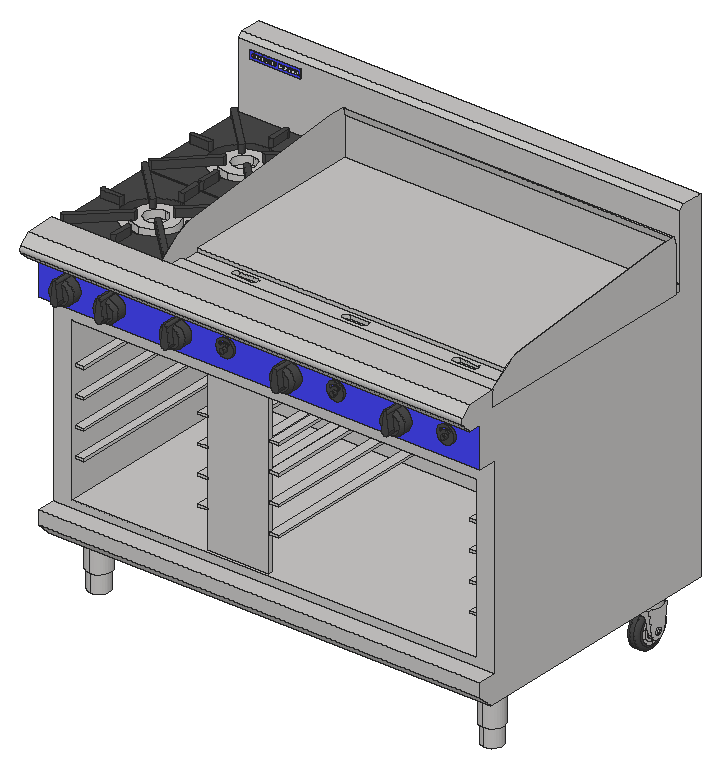
Revit family "QF_MOFFAT_BLUESEAL_CE_G518A-CB", category Specialty Equipment, Revit 2012 (continued)
Definition of nested family "GAS BURNER 300 & GRIDDLE 900"
  Nested families
    nested 1: "GAS BURNER 300 & GRIDDLE 600" at (-1, 0, 0), type "GAS BURNER 300 & GRIDDLE 600"
      with Width 300.0 mm, Type Mark "", Status "", Specification by User "", Revision Code "", Item Number "", Installed By "", Identify Quantity as Lot yes, Furnished By "", Foodservice Equipment Identifier yes, Depth 635.0 mm
    nested 2: "GAS GRIDDLE PLATE 900" at (300, -15, 0), type "GAS GRIDDLE PLATE 900"
      with Width 900.0 mm, Type Mark "", Status "", Specification by User "", Revision Code "", Item Number "", Installed By "", Identify Quantity as Lot yes, Furnished By "", Foodservice Equipment Identifier yes, Depth 620.0 mm
  Definition of nested family "GAS BURNER 300 & GRIDDLE 600"
    Parameters (values of type "GAS BURNER 300 & GRIDDLE 600")
      Width [instance] = 300.0 mm
      Weight in Pounds = 0
      URL Cutsheet = ""
      Type Mark [instance] = ""
      Status [instance] = ""
      Specification by User [instance] = ""
      Specification by Manufacturer = ""
      Serial Number = ""
      Seismic Rating = ""
      SMACNA No = ""
      Revision Code [instance] = ""
      Omniclass Number and Title = ""
      NAFEM Spec ID Number = ""
      Masterspec = ""
      Item Number [instance] = ""
      Installed By [instance] = ""
      Identify Quantity as Lot [instance] = yes
      Furnished By [instance] = ""
      Foodservice Equipment Identifier [instance] = yes
      Depth [instance] = 635.0 mm
      CSI MasterFormat = ""
      CSI Master Format = ""
    Reference planes
      plane 1 "BACK": y = 0
      plane 2: z = 0
      plane 3 "LEFT": x = 0
      plane 4 "RIGHT": x = 300
      plane 5 "FRONT": y = -635
      plane 6 "TOP": z = 142.5
      plane 7 "Center Y": x = 150
      plane 8 "Center X": y = -317.5
    Forms (mm)
      Extrusion 1, solid, material "QF_Finishes_Black"
        sketch origin (0, 0, 0) x (0, -1, 0) y (1, 0, 0)
          loop
            line (318.5, 4) -> (318.5, 296)
            arc (318.5, 296) -> (317.621, 298.121) -> (315.5, 299) r 3
            line (315.5, 299) -> (3, 299)
            arc (3, 299) -> (0.879, 298.121) -> (0, 296) r 3
            line (0, 296) -> (0, 4)
            arc (0, 4) -> (0.879, 1.879) -> (3, 1) r 3
            line (3, 1) -> (315.5, 1)
            arc (315.5, 1) -> (317.621, 1.879) -> (318.5, 4) r 3
          loop
            line (324.5, 1) -> (632, 1)
            arc (632, 1) -> (634.121, 1.879) -> (635, 4) r 3
            line (635, 4) -> (635, 296)
            arc (635, 296) -> (634.121, 298.121) -> (632, 299) r 3
            line (632, 299) -> (324.5, 299)
            arc (324.5, 299) -> (322.379, 298.121) -> (321.5, 296) r 3
            line (321.5, 296) -> (321.5, 4)
            arc (321.5, 4) -> (322.379, 1.879) -> (324.5, 1) r 3
          loop
            circle (168.5, 149.991) r 84.082
          loop
            circle (468.5, 149.991) r 84.082
        from 0 to 19.5
      Extrusion 2, solid, material "QF_Finishes_Black"
        sketch origin (0, 0, 19.5) x (0, -1, 0) y (1, 0, 0)
          loop
            spline (326.102, 15.153) -> (325.181, 13.924) -> (324.631, 12.47) -> (324.49, 10.89) -> (324.767, 9.292) -> (325.443, 7.786) -> (326.473, 6.473) -> (327.786, 5.443) -> (329.292, 4.767) -> (330.89, 4.49) -> (332.47, 4.631) -> (333.924, 5.181) -> (335.153, 6.102)
            line (335.153, 6.102) -> (443.076, 114.025)
            spline (443.076, 114.025) -> (443.837, 115.095) -> (444.238, 116.399) -> (444.251, 117.851) -> (443.875, 119.35) -> (443.137, 120.795) -> (442.086, 122.086) -> (440.795, 123.137) -> (439.35, 123.875) -> (437.851, 124.251) -> (436.399, 124.238) -> (435.095, 123.837) -> (434.025, 123.076)
            line (434.025, 123.076) -> (326.102, 15.153)
          loop
            spline (328.898, 156.4) -> (327.604, 156.182) -> (326.398, 155.543) -> (325.362, 154.525) -> (324.568, 153.2) -> (324.068, 151.656) -> (323.898, 150) -> (324.068, 148.344) -> (324.568, 146.8) -> (325.362, 145.475) -> (326.398, 144.457) -> (327.604, 143.818) -> (328.898, 143.6)
            line (328.898, 143.6) -> (378.102, 143.6)
            spline (378.102, 143.6) -> (379.396, 143.818) -> (380.602, 144.457) -> (381.638, 145.475) -> (382.432, 146.8) -> (382.932, 148.344) -> (383.102, 150) -> (382.932, 151.656) -> (382.432, 153.2) -> (381.638, 154.525) -> (380.602, 155.543) -> (379.396, 156.182) -> (378.102, 156.4)
            line (378.102, 156.4) -> (328.898, 156.4)
          loop
            spline (335.153, 293.898) -> (334.084, 294.659) -> (332.779, 295.059) -> (331.328, 295.072) -> (329.829, 294.697) -> (328.384, 293.959) -> (327.092, 292.908) -> (326.041, 291.616) -> (325.303, 290.171) -> (324.928, 288.672) -> (324.941, 287.221) -> (325.341, 285.916) -> (326.102, 284.847)
            line (326.102, 284.847) -> (434.025, 176.924)
            spline (434.025, 176.924) -> (435.095, 176.163) -> (436.399, 175.762) -> (437.851, 175.749) -> (439.35, 176.125) -> (440.795, 176.863) -> (442.086, 177.914) -> (443.137, 179.205) -> (443.875, 180.65) -> (444.251, 182.149) -> (444.238, 183.601) -> (443.837, 184.905) -> (443.076, 185.975)
            line (443.076, 185.975) -> (335.153, 293.898)
          loop
            line (463.6, 291.102) -> (463.6, 241.898)
            spline (463.6, 241.898) -> (463.818, 240.604) -> (464.457, 239.398) -> (465.475, 238.362) -> (466.8, 237.568) -> (468.344, 237.068) -> (470, 236.898) -> (471.656, 237.068) -> (473.2, 237.568) -> (474.525, 238.362) -> (475.543, 239.398) -> (476.182, 240.604) -> (476.4, 241.898)
            line (476.4, 241.898) -> (476.4, 291.102)
            spline (476.4, 291.102) -> (476.182, 292.396) -> (475.543, 293.602) -> (474.525, 294.638) -> (473.2, 295.432) -> (471.656, 295.932) -> (470, 296.102) -> (468.344, 295.932) -> (466.8, 295.432) -> (465.475, 294.638) -> (464.457, 293.602) -> (463.818, 292.396) -> (463.6, 291.102)
          loop
            spline (612.398, 284.847) -> (613.159, 285.916) -> (613.559, 287.221) -> (613.572, 288.672) -> (613.197, 290.171) -> (612.459, 291.616) -> (611.408, 292.908) -> (610.116, 293.959) -> (608.671, 294.697) -> (607.172, 295.072) -> (605.721, 295.059) -> (604.416, 294.659) -> (603.347, 293.898)
            line (603.347, 293.898) -> (496.924, 185.975)
            spline (496.924, 185.975) -> (496.163, 184.905) -> (495.762, 183.601) -> (495.749, 182.149) -> (496.125, 180.65) -> (496.863, 179.205) -> (497.914, 177.914) -> (499.205, 176.863) -> (500.65, 176.125) -> (502.149, 175.749) -> (503.601, 175.762) -> (504.905, 176.163) -> (505.975, 176.924)
            line (505.975, 176.924) -> (612.398, 284.847)
          loop
            spline (609.602, 143.6) -> (610.896, 143.818) -> (612.102, 144.457) -> (613.138, 145.475) -> (613.932, 146.8) -> (614.432, 148.344) -> (614.602, 150) -> (614.432, 151.656) -> (613.932, 153.2) -> (613.138, 154.525) -> (612.102, 155.543) -> (610.896, 156.182) -> (609.602, 156.4)
            line (609.602, 156.4) -> (561.898, 156.4)
            spline (561.898, 156.4) -> (560.604, 156.182) -> (559.398, 155.543) -> (558.362, 154.525) -> (557.568, 153.2) -> (557.068, 151.656) -> (556.898, 150) -> (557.068, 148.344) -> (557.568, 146.8) -> (558.362, 145.475) -> (559.398, 144.457) -> (560.604, 143.818) -> (561.898, 143.6)
            line (561.898, 143.6) -> (609.602, 143.6)
          loop
            line (612.398, 15.153) -> (505.975, 123.076)
            spline (505.975, 123.076) -> (504.905, 123.837) -> (503.601, 124.238) -> (502.149, 124.251) -> (500.65, 123.875) -> (499.205, 123.137) -> (497.914, 122.086) -> (496.863, 120.795) -> (496.125, 119.35) -> (495.749, 117.851) -> (495.762, 116.399) -> (496.163, 115.095) -> (496.924, 114.025)
            line (496.924, 114.025) -> (603.347, 6.102)
            spline (603.347, 6.102) -> (604.416, 5.341) -> (605.721, 4.941) -> (607.172, 4.928) -> (608.671, 5.303) -> (610.116, 6.041) -> (611.408, 7.092) -> (612.459, 8.384) -> (613.197, 9.829) -> (613.572, 11.328) -> (613.559, 12.779) -> (613.159, 14.084) -> (612.398, 15.153)
          loop
            line (476.4, 8.898) -> (476.4, 58.102)
            spline (476.4, 58.102) -> (476.182, 59.396) -> (475.543, 60.602) -> (474.525, 61.638) -> (473.2, 62.432) -> (471.656, 62.932) -> (470, 63.102) -> (468.344, 62.932) -> (466.8, 62.432) -> (465.475, 61.638) -> (464.457, 60.602) -> (463.818, 59.396) -> (463.6, 58.102)
            line (463.6, 58.102) -> (463.6, 8.898)
            spline (463.6, 8.898) -> (463.818, 7.604) -> (464.457, 6.398) -> (465.475, 5.362) -> (466.8, 4.568) -> (468.344, 4.068) -> (470, 3.898) -> (471.656, 4.068) -> (473.2, 4.568) -> (474.525, 5.362) -> (475.543, 6.398) -> (476.182, 7.604) -> (476.4, 8.898)
          loop
            spline (22.602, 15.153) -> (21.681, 13.924) -> (21.131, 12.47) -> (20.99, 10.89) -> (21.267, 9.292) -> (21.943, 7.786) -> (22.973, 6.473) -> (24.286, 5.443) -> (25.792, 4.767) -> (27.39, 4.49) -> (28.97, 4.631) -> (30.424, 5.181) -> (31.653, 6.102)
            line (31.653, 6.102) -> (139.576, 114.025)
            spline (139.576, 114.025) -> (140.337, 115.095) -> (140.738, 116.399) -> (140.751, 117.851) -> (140.375, 119.35) -> (139.637, 120.795) -> (138.586, 122.086) -> (137.295, 123.137) -> (135.85, 123.875) -> (134.351, 124.251) -> (132.899, 124.238) -> (131.595, 123.837) -> (130.525, 123.076)
            line (130.525, 123.076) -> (22.602, 15.153)
          loop
            spline (25.398, 156.4) -> (24.104, 156.182) -> (22.898, 155.543) -> (21.862, 154.525) -> (21.068, 153.2) -> (20.568, 151.656) -> (20.398, 150) -> (20.568, 148.344) -> (21.068, 146.8) -> (21.862, 145.475) -> (22.898, 144.457) -> (24.104, 143.818) -> (25.398, 143.6)
            line (25.398, 143.6) -> (74.602, 143.6)
            spline (74.602, 143.6) -> (75.896, 143.818) -> (77.102, 144.457) -> (78.138, 145.475) -> (78.932, 146.8) -> (79.432, 148.344) -> (79.602, 150) -> (79.432, 151.656) -> (78.932, 153.2) -> (78.138, 154.525) -> (77.102, 155.543) -> (75.896, 156.182) -> (74.602, 156.4)
            line (74.602, 156.4) -> (25.398, 156.4)
          loop
            spline (31.653, 293.898) -> (30.584, 294.659) -> (29.279, 295.059) -> (27.828, 295.072) -> (26.329, 294.697) -> (24.884, 293.959) -> (23.592, 292.908) -> (22.541, 291.616) -> (21.803, 290.171) -> (21.428, 288.672) -> (21.441, 287.221) -> (21.841, 285.916) -> (22.602, 284.847)
            line (22.602, 284.847) -> (130.525, 176.924)
            spline (130.525, 176.924) -> (131.595, 176.163) -> (132.899, 175.762) -> (134.351, 175.749) -> (135.85, 176.125) -> (137.295, 176.863) -> (138.586, 177.914) -> (139.637, 179.205) -> (140.375, 180.65) -> (140.751, 182.149) -> (140.738, 183.601) -> (140.337, 184.905) -> (139.576, 185.975)
            line (139.576, 185.975) -> (31.653, 293.898)
          loop
            line (160.1, 291.102) -> (160.1, 241.898)
            spline (160.1, 241.898) -> (160.318, 240.604) -> (160.957, 239.398) -> (161.975, 238.362) -> (163.3, 237.568) -> (164.844, 237.068) -> (166.5, 236.898) -> (168.156, 237.068) -> (169.7, 237.568) -> (171.025, 238.362) -> (172.043, 239.398) -> (172.682, 240.604) -> (172.9, 241.898)
            line (172.9, 241.898) -> (172.9, 291.102)
            spline (172.9, 291.102) -> (172.682, 292.396) -> (172.043, 293.602) -> (171.025, 294.638) -> (169.7, 295.432) -> (168.156, 295.932) -> (166.5, 296.102) -> (164.844, 295.932) -> (163.3, 295.432) -> (161.975, 294.638) -> (160.957, 293.602) -> (160.318, 292.396) -> (160.1, 291.102)
          loop
            spline (313.898, 284.847) -> (314.659, 285.916) -> (315.059, 287.221) -> (315.072, 288.672) -> (314.697, 290.171) -> (313.959, 291.616) -> (312.908, 292.908) -> (311.616, 293.959) -> (310.171, 294.697) -> (308.672, 295.072) -> (307.221, 295.059) -> (305.916, 294.659) -> (304.847, 293.898)
            line (304.847, 293.898) -> (193.424, 185.975)
            spline (193.424, 185.975) -> (192.663, 184.905) -> (192.262, 183.601) -> (192.249, 182.149) -> (192.625, 180.65) -> (193.363, 179.205) -> (194.414, 177.914) -> (195.705, 176.863) -> (197.15, 176.125) -> (198.649, 175.749) -> (200.101, 175.762) -> (201.405, 176.163) -> (202.475, 176.924)
            line (202.475, 176.924) -> (313.898, 284.847)
          loop
            spline (311.102, 143.6) -> (312.396, 143.818) -> (313.602, 144.457) -> (314.638, 145.475) -> (315.432, 146.8) -> (315.932, 148.344) -> (316.102, 150) -> (315.932, 151.656) -> (315.432, 153.2) -> (314.638, 154.525) -> (313.602, 155.543) -> (312.396, 156.182) -> (311.102, 156.4)
            line (311.102, 156.4) -> (261.898, 156.4)
            spline (261.898, 156.4) -> (260.604, 156.182) -> (259.398, 155.543) -> (258.362, 154.525) -> (257.568, 153.2) -> (257.068, 151.656) -> (256.898, 150) -> (257.068, 148.344) -> (257.568, 146.8) -> (258.362, 145.475) -> (259.398, 144.457) -> (260.604, 143.818) -> (261.898, 143.6)
            line (261.898, 143.6) -> (311.102, 143.6)
          loop
            line (313.898, 15.153) -> (202.475, 123.076)
            spline (202.475, 123.076) -> (201.405, 123.837) -> (200.101, 124.238) -> (198.649, 124.251) -> (197.15, 123.875) -> (195.705, 123.137) -> (194.414, 122.086) -> (193.363, 120.795) -> (192.625, 119.35) -> (192.249, 117.851) -> (192.262, 116.399) -> (192.663, 115.095) -> (193.424, 114.025)
            line (193.424, 114.025) -> (304.847, 6.102)
            spline (304.847, 6.102) -> (305.916, 5.341) -> (307.221, 4.941) -> (308.672, 4.928) -> (310.171, 5.303) -> (311.616, 6.041) -> (312.908, 7.092) -> (313.959, 8.384) -> (314.697, 9.829) -> (315.072, 11.328) -> (315.059, 12.779) -> (314.659, 14.084) -> (313.898, 15.153)
          loop
            line (172.9, 8.898) -> (172.9, 58.102)
            spline (172.9, 58.102) -> (172.682, 59.396) -> (172.043, 60.602) -> (171.025, 61.638) -> (169.7, 62.432) -> (168.156, 62.932) -> (166.5, 63.102) -> (164.844, 62.932) -> (163.3, 62.432) -> (161.975, 61.638) -> (160.957, 60.602) -> (160.318, 59.396) -> (160.1, 58.102)
            line (160.1, 58.102) -> (160.1, 8.898)
            spline (160.1, 8.898) -> (160.318, 7.604) -> (160.957, 6.398) -> (161.975, 5.362) -> (163.3, 4.568) -> (164.844, 4.068) -> (166.5, 3.898) -> (168.156, 4.068) -> (169.7, 4.568) -> (171.025, 5.362) -> (172.043, 6.398) -> (172.682, 7.604) -> (172.9, 8.898)
        from 0 to 20.5
      Extrusion 3, solid, material "QF_Finishes_Stainless Steel"
        sketch origin (0, -15.098, 0) x (0, -1, 0) y (1, 0, 0)
          loop
            circle (151.402, 150) r 57
          loop
            circle (451.402, 150) r 57
          loop
            circle (151.402, 150) r 30
          loop
            circle (451.402, 150) r 30
        from 0 to 20
    Lines and regions (mm)
      symbolic lines
        curve 1: line (284.847, -22.602, 0) -> (176.924, -130.525, 0)
        curve 2: spline (176.924, -130.525, 0) -> (176.163, -131.595, 0) -> (175.762, -132.899, 0) -> (175.749, -134.351, 0) -> (176.125, -135.85, 0) -> (176.863, -137.295, 0) -> (177.914, -138.586, 0) -> (179.205, -139.637, 0) -> (180.65, -140.375, 0) -> (182.149, -140.751, 0) -> (183.601, -140.738, 0) -> (184.905, -140.337, 0) -> (185.975, -139.576, 0)
        curve 3: line (185.975, -139.576, 0) -> (293.898, -31.653, 0)
        curve 4: spline (293.898, -31.653, 0) -> (294.659, -30.584, 0) -> (295.059, -29.279, 0) -> (295.072, -27.828, 0) -> (294.697, -26.329, 0) -> (293.959, -24.884, 0) -> (292.908, -23.592, 0) -> (291.616, -22.541, 0) -> (290.171, -21.803, 0) -> (288.672, -21.428, 0) -> (287.221, -21.441, 0) -> (285.916, -21.841, 0) -> (284.847, -22.602, 0)
        curve 5: line (291.102, -160.1, 0) -> (241.898, -160.1, 0)
        curve 6: spline (241.898, -160.1, 0) -> (240.604, -160.318, 0) -> (239.398, -160.957, 0) -> (238.362, -161.975, 0) -> (237.568, -163.3, 0) -> (237.068, -164.844, 0) -> (236.898, -166.5, 0) -> (237.068, -168.156, 0) -> (237.568, -169.7, 0) -> (238.362, -171.025, 0) -> (239.398, -172.043, 0) -> (240.604, -172.682, 0) -> (241.898, -172.9, 0)
        curve 7: line (241.898, -172.9, 0) -> (291.102, -172.9, 0)
        curve 8: arc (150, -223.5, 0) -> (168.725, -220.336, 0) -> (185.372, -211.197, 0) r 57
        curve 9: arc (150, -109.5, 0) -> (131.183, -112.696, 0) -> (114.475, -121.924, 0) r 57
        curve 10: arc (149.991, -84.418, 0) -> (178.523, -89.406, 0) -> (203.668, -103.781, 0) r 84.082
        curve 11: arc (149.991, -252.582, 0) -> (120.441, -247.219, 0) -> (94.661, -231.812, 0) r 84.082
        curve 12: line (156.4, -74.602, 0) -> (156.4, -25.398, 0)
        curve 13: spline (156.4, -25.398, 0) -> (156.182, -24.104, 0) -> (155.543, -22.898, 0) -> (154.525, -21.862, 0) -> (153.2, -21.068, 0) -> (151.656, -20.568, 0) -> (150, -20.398, 0) -> (148.344, -20.568, 0) -> (146.8, -21.068, 0) -> (145.475, -21.862, 0) -> (144.457, -22.898, 0) -> (143.818, -24.104, 0) -> (143.6, -25.398, 0)
        curve 14: line (143.6, -25.398, 0) -> (143.6, -74.602, 0)
        curve 15: spline (143.6, -74.602, 0) -> (143.818, -75.896, 0) -> (144.457, -77.102, 0) -> (145.475, -78.138, 0) -> (146.8, -78.932, 0) -> (148.344, -79.432, 0) -> (150, -79.602, 0) -> (151.656, -79.432, 0) -> (153.2, -78.932, 0) -> (154.525, -78.138, 0) -> (155.543, -77.102, 0) -> (156.182, -75.896, 0) -> (156.4, -74.602, 0)
        curve 16: line (296, 0, 0) -> (4, 0, 0)
        curve 17: arc (4, 0, 0) -> (1.879, -0.879, 0) -> (1, -3, 0) r 3
        curve 18: line (1, -3, 0) -> (1, -315.5, 0)
        curve 19: arc (1, -315.5, 0) -> (1.879, -317.621, 0) -> (4, -318.5, 0) r 3
        curve 20: line (4, -318.5, 0) -> (296, -318.5, 0)
        curve 21: line (296, -321.5, 0) -> (4, -321.5, 0)
        curve 22: arc (4, -321.5, 0) -> (1.879, -322.379, 0) -> (1, -324.5, 0) r 3
        curve 23: line (1, -324.5, 0) -> (1, -632, 0)
        curve 24: arc (1, -632, 0) -> (1.879, -634.121, 0) -> (4, -635, 0) r 3
        curve 25: line (4, -635, 0) -> (296, -635, 0)
        curve 26: line (293.898, -304.847, 0) -> (185.975, -193.424, 0)
        curve 27: spline (185.975, -193.424, 0) -> (184.905, -192.663, 0) -> (183.601, -192.262, 0) -> (182.149, -192.249, 0) -> (180.65, -192.625, 0) -> (179.205, -193.363, 0) -> (177.914, -194.414, 0) -> (176.863, -195.705, 0) -> (176.125, -197.15, 0) -> (175.749, -198.649, 0) -> (175.762, -200.101, 0) -> (176.163, -201.405, 0) -> (176.924, -202.475, 0)
        curve 28: line (176.924, -202.475, 0) -> (284.847, -313.898, 0)
        curve 29: spline (284.847, -313.898, 0) -> (285.916, -314.659, 0) -> (287.221, -315.059, 0) -> (288.672, -315.072, 0) -> (290.171, -314.697, 0) -> (291.616, -313.959, 0) -> (292.908, -312.908, 0) -> (293.959, -311.616, 0) -> (294.697, -310.171, 0) -> (295.072, -308.672, 0) -> (295.059, -307.221, 0) -> (294.659, -305.916, 0) -> (293.898, -304.847, 0)
        curve 30: line (15.153, -313.898, 0) -> (123.076, -202.475, 0)
        curve 31: spline (123.076, -202.475, 0) -> (123.837, -201.405, 0) -> (124.238, -200.101, 0) -> (124.251, -198.649, 0) -> (123.875, -197.15, 0) -> (123.137, -195.705, 0) -> (122.086, -194.414, 0) -> (120.795, -193.363, 0) -> (119.35, -192.625, 0) -> (117.851, -192.249, 0) -> (116.399, -192.262, 0) -> (115.095, -192.663, 0) -> (114.025, -193.424, 0)
        curve 32: line (114.025, -193.424, 0) -> (6.102, -304.847, 0)
        curve 33: spline (6.102, -304.847, 0) -> (5.341, -305.916, 0) -> (4.941, -307.221, 0) -> (4.928, -308.672, 0) -> (5.303, -310.171, 0) -> (6.041, -311.616, 0) -> (7.092, -312.908, 0) -> (8.384, -313.959, 0) -> (9.829, -314.697, 0) -> (11.328, -315.072, 0) -> (12.779, -315.059, 0) -> (14.084, -314.659, 0) -> (15.153, -313.898, 0)
        curve 34: line (8.898, -172.9, 0) -> (58.102, -172.9, 0)
        curve 35: spline (58.102, -172.9, 0) -> (59.396, -172.682, 0) -> (60.602, -172.043, 0) -> (61.638, -171.025, 0) -> (62.432, -169.7, 0) -> (62.932, -168.156, 0) -> (63.102, -166.5, 0) -> (62.932, -164.844, 0) -> (62.432, -163.3, 0) -> (61.638, -161.975, 0) -> (60.602, -160.957, 0) -> (59.396, -160.318, 0) -> (58.102, -160.1, 0)
        curve 36: line (58.102, -160.1, 0) -> (8.898, -160.1, 0)
        curve 37: spline (8.898, -160.1, 0) -> (7.604, -160.318, 0) -> (6.398, -160.957, 0) -> (5.362, -161.975, 0) -> (4.568, -163.3, 0) -> (4.068, -164.844, 0) -> (3.898, -166.5, 0) -> (4.068, -168.156, 0) -> (4.568, -169.7, 0) -> (5.362, -171.025, 0) -> (6.398, -172.043, 0) -> (7.604, -172.682, 0) -> (8.898, -172.9, 0)
        curve 38: line (6.102, -31.653, 0) -> (114.025, -139.576, 0)
        curve 39: spline (114.025, -139.576, 0) -> (115.095, -140.337, 0) -> (116.399, -140.738, 0) -> (117.851, -140.751, 0) -> (119.35, -140.375, 0) -> (120.795, -139.637, 0) -> (122.086, -138.586, 0) -> (123.137, -137.295, 0) -> (123.875, -135.85, 0) -> (124.251, -134.351, 0) -> (124.238, -132.899, 0) -> (123.837, -131.595, 0) -> (123.076, -130.525, 0)
        curve 40: line (123.076, -130.525, 0) -> (15.153, -22.602, 0)
        curve 41: spline (15.153, -22.602, 0) -> (13.924, -21.681, 0) -> (12.47, -21.131, 0) -> (10.89, -20.99, 0) -> (9.292, -21.267, 0) -> (7.786, -21.943, 0) -> (6.473, -22.973, 0) -> (5.443, -24.286, 0) -> (4.767, -25.792, 0) -> (4.49, -27.39, 0) -> (4.631, -28.97, 0) -> (5.181, -30.424, 0) -> (6.102, -31.653, 0)
        curve 42: arc (150, -136.5, 0) -> (180, -166.5, 0) -> (150, -196.5, 0) r 30
        curve 43: arc (150, -196.5, 0) -> (120, -166.5, 0) -> (150, -136.5, 0) r 30
        curve 44: line (156.4, -311.102, 0) -> (156.4, -261.898, 0)
        curve 45: spline (156.4, -261.898, 0) -> (156.182, -260.604, 0) -> (155.543, -259.398, 0) -> (154.525, -258.362, 0) -> (153.2, -257.568, 0) -> (151.656, -257.068, 0) -> (150, -256.898, 0) -> (148.344, -257.068, 0) -> (146.8, -257.568, 0) -> (145.475, -258.362, 0) -> (144.457, -259.398, 0) -> (143.818, -260.604, 0) -> (143.6, -261.898, 0)
        curve 46: line (143.6, -261.898, 0) -> (143.6, -311.102, 0)
        curve 47: spline (143.6, -311.102, 0) -> (143.818, -312.396, 0) -> (144.457, -313.602, 0) -> (145.475, -314.638, 0) -> (146.8, -315.432, 0) -> (148.344, -315.932, 0) -> (150, -316.102, 0) -> (151.656, -315.932, 0) -> (153.2, -315.432, 0) -> (154.525, -314.638, 0) -> (155.543, -313.602, 0) -> (156.182, -312.396, 0) -> (156.4, -311.102, 0)
        curve 48: line (156.4, -378.102, 0) -> (156.4, -328.898, 0)
        curve 49: spline (156.4, -328.898, 0) -> (156.182, -327.604, 0) -> (155.543, -326.398, 0) -> (154.525, -325.362, 0) -> (153.2, -324.568, 0) -> (151.656, -324.068, 0) -> (150, -323.898, 0) -> (148.344, -324.068, 0) -> (146.8, -324.568, 0) -> (145.475, -325.362, 0) -> (144.457, -326.398, 0) -> (143.818, -327.604, 0) -> (143.6, -328.898, 0)
        curve 50: line (143.6, -328.898, 0) -> (143.6, -378.102, 0)
        curve 51: spline (143.6, -378.102, 0) -> (143.818, -379.396, 0) -> (144.457, -380.602, 0) -> (145.475, -381.638, 0) -> (146.8, -382.432, 0) -> (148.344, -382.932, 0) -> (150, -383.102, 0) -> (151.656, -382.932, 0) -> (153.2, -382.432, 0) -> (154.525, -381.638, 0) -> (155.543, -380.602, 0) -> (156.182, -379.396, 0) -> (156.4, -378.102, 0)
        curve 52: line (284.847, -326.102, 0) -> (176.924, -434.025, 0)
        curve 53: spline (176.924, -434.025, 0) -> (176.163, -435.095, 0) -> (175.762, -436.399, 0) -> (175.749, -437.851, 0) -> (176.125, -439.35, 0) -> (176.863, -440.795, 0) -> (177.914, -442.086, 0) -> (179.205, -443.137, 0) -> (180.65, -443.875, 0) -> (182.149, -444.251, 0) -> (183.601, -444.238, 0) -> (184.905, -443.837, 0) -> (185.975, -443.076, 0)
        curve 54: line (185.975, -443.076, 0) -> (293.898, -335.153, 0)
        curve 55: spline (293.898, -335.153, 0) -> (294.659, -334.084, 0) -> (295.059, -332.779, 0) -> (295.072, -331.328, 0) -> (294.697, -329.829, 0) -> (293.959, -328.384, 0) -> (292.908, -327.092, 0) -> (291.616, -326.041, 0) -> (290.171, -325.303, 0) -> (288.672, -324.928, 0) -> (287.221, -324.941, 0) -> (285.916, -325.341, 0) -> (284.847, -326.102, 0)
        curve 56: line (123.076, -434.025, 0) -> (15.153, -326.102, 0)
        curve 57: spline (15.153, -326.102, 0) -> (13.924, -325.181, 0) -> (12.47, -324.631, 0) -> (10.89, -324.49, 0) -> (9.292, -324.767, 0) -> (7.786, -325.443, 0) -> (6.473, -326.473, 0) -> (5.443, -327.786, 0) -> (4.767, -329.292, 0) -> (4.49, -330.89, 0) -> (4.631, -332.47, 0) -> (5.181, -333.924, 0) -> (6.102, -335.153, 0)
        curve 58: line (6.102, -335.153, 0) -> (114.025, -443.076, 0)
        curve 59: spline (114.025, -443.076, 0) -> (115.095, -443.837, 0) -> (116.399, -444.238, 0) -> (117.851, -444.251, 0) -> (119.35, -443.875, 0) -> (120.795, -443.137, 0) -> (122.086, -442.086, 0) -> (123.137, -440.795, 0) -> (123.875, -439.35, 0) -> (124.251, -437.851, 0) -> (124.238, -436.399, 0) -> (123.837, -435.095, 0) -> (123.076, -434.025, 0)
        curve 60: line (58.102, -463.6, 0) -> (8.898, -463.6, 0)
        curve 61: spline (8.898, -463.6, 0) -> (7.604, -463.818, 0) -> (6.398, -464.457, 0) -> (5.362, -465.475, 0) -> (4.568, -466.8, 0) -> (4.068, -468.344, 0) -> (3.898, -470, 0) -> (4.068, -471.656, 0) -> (4.568, -473.2, 0) -> (5.362, -474.525, 0) -> (6.398, -475.543, 0) -> (7.604, -476.182, 0) -> (8.898, -476.4, 0)
        curve 62: line (8.898, -476.4, 0) -> (58.102, -476.4, 0)
        curve 63: spline (58.102, -476.4, 0) -> (59.396, -476.182, 0) -> (60.602, -475.543, 0) -> (61.638, -474.525, 0) -> (62.432, -473.2, 0) -> (62.932, -471.656, 0) -> (63.102, -470, 0) -> (62.932, -468.344, 0) -> (62.432, -466.8, 0) -> (61.638, -465.475, 0) -> (60.602, -464.457, 0) -> (59.396, -463.818, 0) -> (58.102, -463.6, 0)
        curve 64: line (114.025, -496.924, 0) -> (6.102, -603.347, 0)
        curve 65: spline (6.102, -603.347, 0) -> (5.341, -604.416, 0) -> (4.941, -605.721, 0) -> (4.928, -607.172, 0) -> (5.303, -608.671, 0) -> (6.041, -610.116, 0) -> (7.092, -611.408, 0) -> (8.384, -612.459, 0) -> (9.829, -613.197, 0) -> (11.328, -613.572, 0) -> (12.779, -613.559, 0) -> (14.084, -613.159, 0) -> (15.153, -612.398, 0)
        curve 66: line (15.153, -612.398, 0) -> (123.076, -505.975, 0)
        curve 67: spline (123.076, -505.975, 0) -> (123.837, -504.905, 0) -> (124.238, -503.601, 0) -> (124.251, -502.149, 0) -> (123.875, -500.65, 0) -> (123.137, -499.205, 0) -> (122.086, -497.914, 0) -> (120.795, -496.863, 0) -> (119.35, -496.125, 0) -> (117.851, -495.749, 0) -> (116.399, -495.762, 0) -> (115.095, -496.163, 0) -> (114.025, -496.924, 0)
        curve 68: line (156.4, -609.602, 0) -> (156.4, -561.898, 0)
        curve 69: spline (156.4, -561.898, 0) -> (156.182, -560.604, 0) -> (155.543, -559.398, 0) -> (154.525, -558.362, 0) -> (153.2, -557.568, 0) -> (151.656, -557.068, 0) -> (150, -556.898, 0) -> (148.344, -557.068, 0) -> (146.8, -557.568, 0) -> (145.475, -558.362, 0) -> (144.457, -559.398, 0) -> (143.818, -560.604, 0) -> (143.6, -561.898, 0)
        curve 70: line (143.6, -561.898, 0) -> (143.6, -609.602, 0)
        curve 71: spline (143.6, -609.602, 0) -> (143.818, -610.896, 0) -> (144.457, -612.102, 0) -> (145.475, -613.138, 0) -> (146.8, -613.932, 0) -> (148.344, -614.432, 0) -> (150, -614.602, 0) -> (151.656, -614.432, 0) -> (153.2, -613.932, 0) -> (154.525, -613.138, 0) -> (155.543, -612.102, 0) -> (156.182, -610.896, 0) -> (156.4, -609.602, 0)
        curve 72: line (176.924, -505.975, 0) -> (284.847, -612.398, 0)
        curve 73: spline (284.847, -612.398, 0) -> (285.916, -613.159, 0) -> (287.221, -613.559, 0) -> (288.672, -613.572, 0) -> (290.171, -613.197, 0) -> (291.616, -612.459, 0) -> (292.908, -611.408, 0) -> (293.959, -610.116, 0) -> (294.697, -608.671, 0) -> (295.072, -607.172, 0) -> (295.059, -605.721, 0) -> (294.659, -604.416, 0) -> (293.898, -603.347, 0)
        curve 74: line (293.898, -603.347, 0) -> (185.975, -496.924, 0)
        curve 75: spline (185.975, -496.924, 0) -> (184.905, -496.163, 0) -> (183.601, -495.762, 0) -> (182.149, -495.749, 0) -> (180.65, -496.125, 0) -> (179.205, -496.863, 0) -> (177.914, -497.914, 0) -> (176.863, -499.205, 0) -> (176.125, -500.65, 0) -> (175.749, -502.149, 0) -> (175.762, -503.601, 0) -> (176.163, -504.905, 0) -> (176.924, -505.975, 0)
        curve 76: arc (149.991, -384.418, 0) -> (179.687, -389.836, 0) -> (205.556, -405.393, 0) r 84.082
        curve 77: arc (149.991, -552.582, 0) -> (121.173, -547.489, 0) -> (95.845, -532.827, 0) r 84.082
        curve 78: arc (150, -523.5, 0) -> (167.666, -520.693, 0) -> (183.592, -512.55, 0) r 57
        curve 79: arc (150, -409.5, 0) -> (130.014, -413.119, 0) -> (112.566, -423.515, 0) r 57
        curve 80: arc (150, -436.5, 0) -> (180, -466.5, 0) -> (150, -496.5, 0) r 30
        curve 81: arc (150, -496.5, 0) -> (120, -466.5, 0) -> (150, -436.5, 0) r 30
        curve 82: line (291.102, -463.6, 0) -> (241.898, -463.6, 0)
        curve 83: spline (241.898, -463.6, 0) -> (240.604, -463.818, 0) -> (239.398, -464.457, 0) -> (238.362, -465.475, 0) -> (237.568, -466.8, 0) -> (237.068, -468.344, 0) -> (236.898, -470, 0) -> (237.068, -471.656, 0) -> (237.568, -473.2, 0) -> (238.362, -474.525, 0) -> (239.398, -475.543, 0) -> (240.604, -476.182, 0) -> (241.898, -476.4, 0)
        curve 84: line (241.898, -476.4, 0) -> (291.102, -476.4, 0)
        curve 85: arc (96.324, -103.773, 0) -> (121.466, -89.404, 0) -> (149.991, -84.418, 0) r 84.082
        curve 86: arc (212.871, -112.68, 0) -> (234.066, -167.408, 0) -> (214.3, -222.668, 0) r 84.082
        curve 87: arc (194.454, -202.178, 0) -> (207, -166.598, 0) -> (194.576, -130.975, 0) r 57
        curve 88: arc (114.628, -211.197, 0) -> (131.275, -220.336, 0) -> (150, -223.5, 0) r 57
        curve 89: arc (105.424, -130.975, 0) -> (93, -166.598, 0) -> (105.546, -202.178, 0) r 57
        curve 90: arc (187.434, -423.515, 0) -> (169.986, -413.119, 0) -> (150, -409.5, 0) r 57
        curve 91: arc (103.911, -432.962, 0) -> (93.053, -468.956, 0) -> (106.969, -503.881, 0) r 57
        curve 92: arc (109.732, -506.842, 0) -> (110.614, -507.704, 0) -> (111.516, -508.547, 0) r 57
        curve 93: arc (193.031, -503.881, 0) -> (206.947, -468.956, 0) -> (196.089, -432.962, 0) r 57
        curve 94: arc (214.491, -414.56, 0) -> (234.068, -469.429, 0) -> (213.283, -523.853, 0) r 84.082
        curve 95: arc (94.436, -405.385, 0) -> (120.301, -389.834, 0) -> (149.991, -384.418, 0) r 84.082
        curve 96: arc (86.707, -523.862, 0) -> (65.914, -469.429, 0) -> (85.499, -414.55, 0) r 84.082
        curve 97: arc (116.408, -512.55, 0) -> (132.334, -520.693, 0) -> (150, -523.5, 0) r 57
        curve 98: arc (204.147, -532.819, 0) -> (178.816, -547.487, 0) -> (149.991, -552.582, 0) r 84.082
        curve 99: arc (185.525, -121.924, 0) -> (168.817, -112.696, 0) -> (150, -109.5, 0) r 57
        curve 100: arc (205.331, -231.803, 0) -> (179.547, -247.216, 0) -> (149.991, -252.582, 0) r 84.082
        curve 101: arc (85.69, -222.678, 0) -> (65.916, -167.408, 0) -> (87.119, -112.67, 0) r 84.082
        curve 102: line (299, -315.5, 0) -> (299, -3, 0)
        curve 103: arc (299, -3, 0) -> (298.121, -0.879, 0) -> (296, 0, 0) r 3
        curve 104: spline (291.102, -172.9, 0) -> (292.396, -172.682, 0) -> (293.602, -172.043, 0) -> (294.638, -171.025, 0) -> (295.432, -169.7, 0) -> (295.932, -168.156, 0) -> (296.102, -166.5, 0) -> (295.932, -164.844, 0) -> (295.432, -163.3, 0) -> (294.638, -161.975, 0) -> (293.602, -160.957, 0) -> (292.396, -160.318, 0) -> (291.102, -160.1, 0)
        curve 105: spline (291.102, -476.4, 0) -> (292.396, -476.182, 0) -> (293.602, -475.543, 0) -> (294.638, -474.525, 0) -> (295.432, -473.2, 0) -> (295.932, -471.656, 0) -> (296.102, -470, 0) -> (295.932, -468.344, 0) -> (295.432, -466.8, 0) -> (294.638, -465.475, 0) -> (293.602, -464.457, 0) -> (292.396, -463.818, 0) -> (291.102, -463.6, 0)
        curve 106: arc (296, -635, 0) -> (298.121, -634.121, 0) -> (299, -632, 0) r 3
        curve 107: line (299, -632, 0) -> (299, -324.5, 0)
        curve 108: arc (299, -324.5, 0) -> (298.121, -322.379, 0) -> (296, -321.5, 0) r 3
        curve 109: arc (296, -318.5, 0) -> (298.121, -317.621, 0) -> (299, -315.5, 0) r 3
    Dimensions and locks
      equal spacing: plane 3 "LEFT", plane 7 "Center Y", plane 4 "RIGHT"
      "Width": plane 3 "LEFT" to plane 4 "RIGHT"
      equal spacing: plane 5 "FRONT", plane 8 "Center X", plane 1 "BACK"
      "Depth": plane 5 "FRONT" to plane 1 "BACK"
      aligned and locked: level to plane 2
    Automatic sketch dimensions
      curve 8 to curve 9 = 0.0 mm
      curve 8 to curve 42 = 0.0 mm  (x2)
      curve 8 to curve 87 = 0.0 mm  (x2)
      curve 8 to curve 88 = 0.0 mm
      curve 8 to curve 89 = 0.0 mm
      curve 8 to curve 99 = 0.0 mm  (x2)
      curve 9 to curve 89 = 0.0 mm
      curve 10 to curve 11 = 0.0 mm  (x2)
      curve 10 to curve 85 = 0.0 mm
      curve 10 to curve 86 = 0.0 mm  (x2)
      curve 10 to curve 100 = 0.0 mm
      curve 10 to curve 101 = 0.0 mm  (x2)
      curve 76 to curve 77 = 0.0 mm  (x2)
      curve 76 to curve 94 = 0.0 mm  (x2)
      curve 76 to curve 95 = 0.0 mm
      curve 76 to curve 96 = 0.0 mm  (x2)
      curve 76 to curve 98 = 0.0 mm
      curve 78 to curve 79 = 0.0 mm
      curve 78 to curve 80 = 0.0 mm  (x2)
      curve 78 to curve 90 = 0.0 mm  (x2)
      curve 78 to curve 91 = 0.0 mm
      curve 78 to curve 92 = 0.0 mm
      curve 78 to curve 93 = 0.0 mm  (x2)
      curve 78 to curve 97 = 0.0 mm
      curve 79 to curve 91 = 0.0 mm
      curve 79 to curve 92 = 0.0 mm
      plane 5 "FRONT" to curve 25 = 0.0 mm
      plane 1 "BACK" to curve 16 = 0.0 mm
      curve 97 to plane 7 "Center Y" = 0.0 mm
      curve 42 to plane 7 "Center Y" = 0.0 mm
      curve 13 to plane 7 "Center Y" = 0.0 mm
      curve 45 to plane 7 "Center Y" = 0.0 mm
      curve 49 to plane 7 "Center Y" = 0.0 mm
      curve 69 to plane 7 "Center Y" = 0.0 mm
      curve 98 to plane 7 "Center Y" = 0.009 mm
      curve 10 to plane 7 "Center Y" = 0.009 mm
      curve 49 to plane 7 "Center Y" = 6.4 mm
      curve 47 to plane 7 "Center Y" = 6.4 mm
      curve 14 to plane 7 "Center Y" = 6.4 mm
      curve 71 to plane 7 "Center Y" = 6.4 mm
      curve 39 to curve 39 = 4.525 mm
      curve 31 to curve 31 = 4.525 mm
      curve 59 to curve 59 = 4.525 mm
      curve 67 to curve 67 = 4.525 mm
      curve 97 to curve 66 = 6.668 mm
      curve 88 to curve 30 = 8.448 mm
      curve 9 to curve 40 = 8.601 mm
      curve 92 to curve 97 = 4.893 mm
      curve 92 to curve 92 = 1.784 mm
      curve 91 to curve 92 = 2.762 mm
      curve 89 to curve 32 = 8.479 mm
      curve 91 to curve 79 = 8.655 mm
      curve 85 to curve 9 = 18.152 mm
      curve 11 to curve 88 = 19.967 mm
      curve 95 to curve 79 = 18.13 mm
      curve 101 to curve 11 = 8.97 mm
      curve 96 to curve 95 = 8.937 mm
      curve 34 to curve 89 = 47.444 mm
      curve 63 to curve 91 = 45.809 mm
      plane 8 "Center X" to curve 30 = 3.602 mm
      plane 3 "LEFT" to curve 30 = 15.153 mm
      plane 3 "LEFT" to curve 41 = 15.153 mm
      plane 3 "LEFT" to curve 66 = 15.153 mm
      curve 56 to curve 30 = 0.0 mm
      curve 41 to curve 41 = 4.525 mm
      curve 65 to curve 65 = 4.525 mm
      curve 33 to curve 30 = 4.525 mm
      curve 57 to curve 56 = 4.525 mm
      plane 3 "LEFT" to curve 37 = 8.898 mm
      plane 3 "LEFT" to curve 62 = 8.898 mm
      plane 3 "LEFT" to curve 17 = 4.0 mm
      curve 20 to plane 8 "Center X" = 1.0 mm
      plane 3 "LEFT" to curve 20 = 4.0 mm
      curve 22 to curve 20 = 0.0 mm
      plane 3 "LEFT" to curve 24 = 4.0 mm
      plane 3 "LEFT" to curve 23 = 1.0 mm
      plane 3 "LEFT" to curve 17 = 1.0 mm
      curve 1 to curve 2 = 4.525 mm
      curve 53 to curve 53 = 4.525 mm
      curve 27 to curve 27 = 4.525 mm
      curve 72 to curve 75 = 4.525 mm
      curve 75 to curve 78 = 6.668 mm
      curve 28 to curve 8 = 8.448 mm
      curve 2 to curve 99 = 8.601 mm  (x2)
      curve 52 to curve 90 = 10.51 mm
      curve 27 to curve 87 = 8.479 mm
      curve 2 to curve 87 = 8.601 mm
      curve 90 to curve 93 = 8.655 mm
      curve 99 to curve 10 = 18.144 mm
      curve 8 to curve 100 = 19.959 mm
      curve 90 to curve 76 = 18.122 mm
      curve 100 to curve 86 = 8.969 mm
      curve 76 to curve 94 = 8.936 mm
      curve 93 to curve 82 = 45.809 mm
      curve 87 to curve 7 = 47.444 mm
      plane 4 "RIGHT" to curve 4 = 15.153 mm
      plane 4 "RIGHT" to curve 52 = 15.153 mm
      plane 4 "RIGHT" to curve 73 = 15.153 mm
      plane 8 "Center X" to curve 28 = 3.602 mm
      curve 28 to curve 52 = 0.0 mm
      curve 1 to curve 4 = 4.525 mm
      curve 55 to curve 55 = 4.525 mm
      curve 28 to curve 29 = 4.525 mm
      curve 72 to curve 73 = 4.525 mm
      plane 4 "RIGHT" to curve 105 = 8.898 mm
      plane 4 "RIGHT" to curve 104 = 8.898 mm
      plane 4 "RIGHT" to curve 108 = 4.0 mm
      plane 4 "RIGHT" to curve 109 = 4.0 mm
      plane 4 "RIGHT" to curve 25 = 4.0 mm
      plane 4 "RIGHT" to curve 16 = 4.0 mm
      plane 4 "RIGHT" to curve 107 = 1.0 mm
      plane 4 "RIGHT" to curve 103 = 1.0 mm
      curve 70 to plane 5 "FRONT" = 25.398 mm
      curve 69 to curve 98 = 9.316 mm
      curve 77 to curve 96 = 8.965 mm
      curve 98 to curve 94 = 8.967 mm
      curve 97 to curve 92 = 4.003 mm
      curve 78 to curve 72 = 6.575 mm
      curve 97 to curve 66 = 6.575 mm
      curve 92 to curve 91 = 2.96 mm
      curve 93 to curve 75 = 6.958 mm
      curve 78 to curve 81 = 27.0 mm
      curve 96 to curve 61 = 47.462 mm
      curve 94 to curve 84 = 47.453 mm
      curve 62 to curve 63 = 6.4 mm
      curve 105 to curve 105 = 6.4 mm
      curve 59 to curve 91 = 10.114 mm
      curve 53 to curve 93 = 10.114 mm
      curve 94 to curve 76 = 9.166 mm
      curve 96 to curve 95 = 9.165 mm
      curve 76 to curve 51 = 6.316 mm
      curve 57 to curve 20 = 16.653 mm
      curve 54 to curve 20 = 16.653 mm
      curve 49 to plane 8 "Center X" = 11.398 mm
      curve 108 to curve 20 = 6.0 mm
      plane 8 "Center X" to curve 46 = 6.398 mm
      curve 45 to curve 11 = 9.316 mm
      curve 88 to curve 31 = 8.722 mm
      curve 8 to curve 28 = 8.722 mm
      curve 8 to curve 42 = 27.0 mm
      curve 101 to curve 34 = 49.778 mm
      curve 86 to curve 7 = 49.768 mm
      curve 6 to curve 6 = 6.4 mm
      curve 34 to curve 37 = 6.4 mm
      curve 38 to curve 89 = 8.601 mm
      curve 40 to curve 9 = 8.601 mm
      curve 86 to curve 10 = 8.899 mm
      curve 101 to curve 85 = 8.898 mm
      curve 10 to curve 15 = 9.816 mm
      plane 1 "BACK" to curve 13 = 25.398 mm
      plane 1 "BACK" to Extrusion 1 sketch curve = 0.0 mm
      plane 5 "FRONT" to Extrusion 1 sketch curve = 0.0 mm
      plane 3 "LEFT" to Extrusion 1 sketch curve = 1.0 mm  (x2)
      plane 1 "BACK" to Extrusion 1 sketch curve = 3.0 mm  (x2)
      Extrusion 1 sketch curve to plane 7 "Center Y" = 0.009 mm  (x2)
      plane 8 "Center X" to Extrusion 1 sketch curve = 149.0 mm
      plane 4 "RIGHT" to Extrusion 1 sketch curve = 1.0 mm  (x2)
      plane 8 "Center X" to Extrusion 1 sketch curve = 2.0 mm  (x2)
      Extrusion 1 sketch curve to plane 8 "Center X" = 1.0 mm
      Extrusion 1 sketch curve to Extrusion 1 sketch curve = 3.0 mm  (x3)
      Extrusion 1 sketch curve to plane 8 "Center X" = 151.0 mm
      Extrusion 1 sketch curve to plane 5 "FRONT" = 3.0 mm  (x2)
      Extrusion 2 sketch curve to Extrusion 1 = 22.602 mm  (x2)
      Extrusion 2 sketch curve to Extrusion 1 = 25.398 mm  (x2)
      Extrusion 2 sketch curve to Extrusion 2 sketch curve = 4.525 mm  (x16)
      Extrusion 2 sketch curve to Extrusion 2 sketch curve = 49.204 mm  (x5)
      Extrusion 2 sketch curve to Extrusion 2 sketch curve = 55.923 mm  (x5)
      Extrusion 2 sketch curve to Extrusion 2 sketch curve = 0.0 mm  (x5)
      Extrusion 2 sketch curve to Extrusion 2 sketch curve = 20.524 mm  (x8)
      Extrusion 2 sketch curve to Extrusion 2 sketch curve = 6.4 mm  (x8)
      Extrusion 2 sketch curve to Extrusion 2 sketch curve = 53.847 mm  (x8)
      Extrusion 2 sketch curve to Extrusion 1 = 56.602 mm
      Extrusion 2 sketch curve to Extrusion 1 = 5.102 mm  (x6)
      Extrusion 2 sketch curve to Extrusion 1 = 13.653 mm  (x2)
      Extrusion 2 sketch curve to Extrusion 1 = 7.398 mm  (x2)
      Extrusion 2 sketch curve to Extrusion 1 = 4.602 mm  (x2)
      Extrusion 2 sketch curve to Extrusion 1 = 7.898 mm  (x4)
      Extrusion 2 sketch curve to Extrusion 1 = 31.653 mm  (x2)
      Extrusion 2 sketch curve to Extrusion 1 = 57.102 mm
      Extrusion 2 sketch curve to Extrusion 1 = 14.153 mm
      Extrusion 3 sketch curve to Extrusion 3 sketch curve = 0.0 mm  (x24)
      Extrusion 3 sketch curve to plane 7 "Center Y" = 0.0 mm  (x2)
      plane 1 "BACK" to Extrusion 3 sketch curve = 109.5 mm
      Extrusion 3 sketch curve to Extrusion 3 sketch curve = 27.0 mm  (x2)
      Extrusion 3 sketch curve to Extrusion 3 sketch curve = 30.0 mm  (x2)
      Extrusion 3 sketch curve to plane 8 "Center X" = 92.0 mm
      radius of Extrusion 1 sketch curve = 84.082 mm  (x2)
  Definition of nested family "GAS GRIDDLE PLATE 900"
    Parameters (values of type "GAS GRIDDLE PLATE 900")
      Width [instance] = 900.0 mm
      Weight in Pounds = 0
      URL Cutsheet = ""
      Type Mark [instance] = ""
      Status [instance] = ""
      Specification by User [instance] = ""
      Specification by Manufacturer = ""
      Serial Number = ""
      Seismic Rating = ""
      SMACNA No = ""
      Revision Code [instance] = ""
      Omniclass Number and Title = ""
      NAFEM Spec ID Number = ""
      Masterspec = ""
      Item Number [instance] = ""
      Installed By [instance] = ""
      Identify Quantity as Lot [instance] = yes
      Furnished By [instance] = ""
      Foodservice Equipment Identifier [instance] = yes
      Depth [instance] = 620.0 mm
      CSI MasterFormat = ""
      CSI Master Format = ""
    Reference planes
      plane 1 "BACK": y = 0
      plane 2: z = 0
      plane 3 "LEFT": x = 0
      plane 4 "RIGHT": x = 900
      plane 5 "FRONT": y = -620
      plane 6 "TOP": z = 142.5
      plane 7 "Center Y": x = 450
      plane 8 "Center X": y = -310
      plane 9: y = -530.997
      plane 10: y = -541.497
      plane 11: y = -503.25
      plane 12: y = -557.737
    Forms (mm)
      Extrusion 1, solid, material "QF_Finishes_Stainless Steel"
        sketch origin (0, 70.003, -874.5) x (0, 1, 0) y (0, 0, 1)
          loop
            line (-70, 875) -> (-70, 997.489) -> (-75.228, 1017) -> (-117.24, 1017) -> (-589.533, 971.523)
            arc (-589.533, 971.523) -> (-614.56, 965.803) -> (-637.306, 953.899) r 100
            line (-637.306, 953.899) -> (-690.003, 917) -> (-690.003, 875) -> (-70, 875)
        from 0 to 1.8
      Extrusion 2, solid, material "QF_Finishes_Stainless Steel"
        sketch origin (600, 70.003, -874.5) x (0, -1, 0) y (0, 0, 1)
          loop
            line (70, 875) -> (690.003, 875) -> (690.003, 917) -> (637.306, 953.899)
            arc (637.306, 953.899) -> (614.56, 965.803) -> (589.533, 971.523) r 100
            line (589.533, 971.523) -> (117.24, 1017) -> (75.228, 1017) -> (70, 997.489) -> (70, 875)
        from -300 to -298.8
      Extrusion 3, solid, material "QF_Finishes_Stainless Steel"
        sketch origin (150, 70.003, -874.5) x (0, 1, 0) y (0, 0, 1)
          loop
            line (-55, 895) -> (-573.253, 895) -> (-573.253, 884.5) -> (-627.74, 884.5) -> (-627.74, 895) -> (-690.003, 895) -> (-690.003, 875) -> (-55, 875) -> (-55, 895)
        from -148.2 to 748.8
      Extrusion 4, void
        sketch origin (0.113, -541.497, 10) x (0, -1, 0) y (1, 0, 0)
          loop
            arc (-7.497, 175) -> (-17.497, 185) -> (-27.497, 175) r 10
            line (-27.497, 175) -> (-27.497, 125)
            arc (-27.497, 125) -> (-17.497, 115) -> (-7.497, 125) r 10
            line (-7.497, 125) -> (-7.497, 175)
          loop
            line (-7.497, 424.887) -> (-7.497, 474.887)
            arc (-7.497, 474.887) -> (-17.497, 484.887) -> (-27.497, 474.887) r 10
            line (-27.497, 474.887) -> (-27.497, 424.887)
            arc (-27.497, 424.887) -> (-17.497, 414.887) -> (-7.497, 424.887) r 10
          loop
            line (-7.497, 724.774) -> (-7.497, 774.774)
            arc (-7.497, 774.774) -> (-17.497, 784.774) -> (-27.497, 774.774) r 10
            line (-27.497, 774.774) -> (-27.497, 724.774)
            arc (-27.497, 724.774) -> (-17.497, 714.774) -> (-7.497, 724.774) r 10
        from -41.4 to 40.142
      Extrusion 5, solid, material "QF_Finishes_Stainless Steel"
        sketch origin (0, 70.003, -874.5) x (0, 1, 0) y (0, 0, 1)
          loop
            line (-70, 875) -> (-70, 997.489) -> (-75.228, 1017) -> (-76.884, 1017) -> (-71.6, 997.278) -> (-71.6, 875) -> (-70, 875)
        from 0 to 898.8
    Cuts and joins
      Extrusion 4 cuts Extrusion 3
      joined: Extrusion 1, Extrusion 2, Extrusion 3, Extrusion 5
    Lines and regions (mm)
      symbolic lines
        curve 1: line (900, -503.25, 0) -> (0, -503.25, 0)
        curve 2: line (0, -557.737, 0) -> (900, -557.737, 0)
        curve 3: line (0, -1.68, 0) -> (900, -1.68, 0)
        curve 4: line (900, -1.68, 0) -> (900, -620, 0)
        curve 5: line (0, -620, 0) -> (0, -1.68, 0)
        curve 6: line (0, -620, 0) -> (900, -620, 0)
        curve 7: arc (175.113, -534, 0) -> (185.113, -524, 0) -> (175.113, -514, 0) r 10
        curve 8: line (175.113, -514, 0) -> (125.113, -514, 0)
        curve 9: arc (125.113, -514, 0) -> (115.113, -524, 0) -> (125.113, -534, 0) r 10
        curve 10: line (125.113, -534, 0) -> (175.113, -534, 0)
        curve 11: arc (425, -534, 0) -> (415, -524, 0) -> (425, -514, 0) r 10
        curve 12: line (425, -514, 0) -> (475, -514, 0)
        curve 13: arc (475, -514, 0) -> (485, -524, 0) -> (475, -534, 0) r 10
        curve 14: line (475, -534, 0) -> (425, -534, 0)
        curve 15: arc (724.887, -534, 0) -> (714.887, -524, 0) -> (724.887, -514, 0) r 10
        curve 16: line (724.887, -514, 0) -> (774.887, -514, 0)
        curve 17: arc (774.887, -514, 0) -> (784.887, -524, 0) -> (774.887, -534, 0) r 10
        curve 18: line (774.887, -534, 0) -> (724.887, -534, 0)
    Dimensions and locks
      equal spacing: plane 3 "LEFT", plane 7 "Center Y", plane 4 "RIGHT"
      "Width": plane 3 "LEFT" to plane 4 "RIGHT"
      equal spacing: plane 5 "FRONT", plane 8 "Center X", plane 1 "BACK"
      "Depth": plane 5 "FRONT" to plane 1 "BACK"
      locked: Extrusion 2 to Extrusion 2 at 1.2
      aligned and locked: level to plane 2
      aligned and locked: Extrusion 2 to plane 4 "RIGHT"
      aligned and locked: curve 1 to plane 11
      aligned and locked: plane 12 to curve 2
      aligned and locked: Extrusion 5 to cut or joined group of Extrusion 1, Extrusion 2, Extrusion 3, Extrusion 4, Extrusion 5
    Automatic sketch dimensions
      Extrusion 1 sketch curve to plane 5 "FRONT" = 0.0 mm
      Extrusion 1 sketch curve to plane 6 "TOP" = 0.0 mm
      plane 12 to Extrusion 1 sketch curve = 9.566 mm
      plane 11 to Extrusion 1 sketch curve = 16.28 mm
      Extrusion 1 sketch curve to level = 2.516 mm
      plane 11 to Extrusion 1 sketch curve = 6.695 mm
      plane 1 "BACK" to Extrusion 1 sketch curve = 47.237 mm
      plane 1 "BACK" to Extrusion 1 sketch curve = 5.225 mm
      Extrusion 1 sketch curve to plane 1 "BACK" = 0.003 mm
      level to Extrusion 1 sketch curve = 0.5 mm
      Extrusion 1 sketch curve to Extrusion 1 sketch curve = 42.0 mm
      Extrusion 1 sketch curve to plane 6 "TOP" = 63.101 mm
      Extrusion 1 sketch curve to plane 6 "TOP" = 19.511 mm
      Extrusion 2 sketch curve to plane 6 "TOP" = 0.0 mm
      Extrusion 2 sketch curve to plane 5 "FRONT" = 0.0 mm
      plane 12 to Extrusion 2 sketch curve = 9.566 mm
      plane 11 to Extrusion 2 sketch curve = 16.28 mm
      Extrusion 2 sketch curve to level = 2.516 mm
      plane 11 to Extrusion 2 sketch curve = 6.695 mm
      plane 1 "BACK" to Extrusion 2 sketch curve = 47.237 mm
      plane 1 "BACK" to Extrusion 2 sketch curve = 5.225 mm
      Extrusion 2 sketch curve to plane 1 "BACK" = 0.003 mm
      level to Extrusion 2 sketch curve = 0.5 mm
      Extrusion 2 sketch curve to Extrusion 2 sketch curve = 42.0 mm
      Extrusion 2 sketch curve to plane 6 "TOP" = 63.101 mm
      Extrusion 2 sketch curve to plane 6 "TOP" = 19.511 mm
      Extrusion 3 sketch curve to plane 5 "FRONT" = 0.0 mm
      Extrusion 3 sketch curve to plane 12 = 0.0 mm
      Extrusion 3 sketch curve to plane 11 = 0.0 mm
      Extrusion 3 sketch curve to plane 1 "BACK" = 15.003 mm
      level to Extrusion 3 sketch curve = 0.5 mm
      level to Extrusion 3 sketch curve = 10.0 mm
      Extrusion 3 sketch curve to Extrusion 3 sketch curve = 10.5 mm  (x2)
      plane 1 "BACK" to Extrusion 5 sketch curve = 5.225 mm
      Extrusion 5 sketch curve to plane 1 "BACK" = 0.003 mm
      Extrusion 5 sketch curve to plane 6 "TOP" = 19.511 mm
      Extrusion 5 sketch curve to Extrusion 5 sketch curve = 1.6 mm
      Extrusion 5 sketch curve to Extrusion 5 sketch curve = 0.211 mm
      Extrusion 5 sketch curve to plane 6 "TOP" = 0.0 mm
      Extrusion 5 sketch curve to Extrusion 5 sketch curve = 1.656 mm
      level to Extrusion 5 sketch curve = 0.5 mm
      curve 6 to plane 3 "LEFT" = 0.0 mm
      curve 3 to plane 4 "RIGHT" = 0.0 mm
      plane 5 "FRONT" to curve 6 = 0.0 mm
      plane 11 to curve 9 = 20.75 mm
      plane 3 "LEFT" to curve 9 = 125.113 mm
      curve 10 to plane 12 = 23.737 mm
      curve 9 to curve 10 = 50.0 mm
      curve 14 to plane 7 "Center Y" = 25.0 mm
      plane 11 to curve 12 = 10.75 mm
      plane 7 "Center Y" to curve 12 = 25.0 mm
      curve 15 to plane 12 = 23.737 mm
      plane 4 "RIGHT" to curve 15 = 175.113 mm
      plane 11 to curve 16 = 10.75 mm
      curve 16 to curve 16 = 50.0 mm
      curve 14 to curve 12 = 20.0 mm
      plane 1 "BACK" to curve 3 = 1.68 mm
      plane 11 to Extrusion 4 sketch curve = 10.75 mm  (x3)
      Extrusion 4 sketch curve to Extrusion 4 sketch curve = 10.0 mm  (x3)
      plane 3 "LEFT" to Extrusion 4 sketch curve = 125.113 mm
      Extrusion 4 sketch curve to Extrusion 4 sketch curve = 50.0 mm  (x2)
      Extrusion 4 sketch curve to plane 7 "Center Y" = 25.0 mm
      plane 7 "Center Y" to Extrusion 4 sketch curve = 25.0 mm
      plane 4 "RIGHT" to Extrusion 4 sketch curve = 175.113 mm
